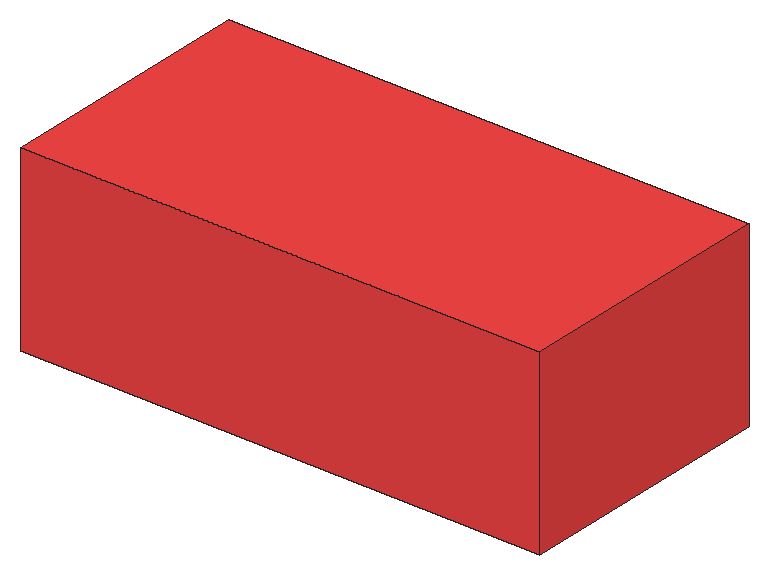
Revit family "Задание_Стена_Прямоугольник_БезОсновы", category Окна, Revit 2019
Family settings
  На основе рабочей плоскости = Нет
  Всегда вертикально = Да
  При загрузке вырезать с полостями = Да
  Общий = Нет
  Точка расчета площади = Нет
Parameters (values of type "Задание_Стена_Прямоугольное")
  Width = 0 mm  # constant formula
  Согласованно [instance] = not(Несогласованно)  # no
  Размер обозначения [instance] = if(Отверстие_Ширина > Отверстие_Высота, Отверстие_Ширина / 5, Отверстие_Высота / 5)  # 80 mm
  Rough Width = 0 mm  # constant formula
  Rough Height = 0 mm  # constant formula
  Позиция [instance] = ""
  Отверстие_Ширина [instance] = 400 mm
  Отверстие_Отметка этажа [instance] = 0 mm
  Отверстие_Отметка от этажа [instance] = 0 mm
  Отверстие_Отметка от нуля [instance] = (Отверстие_Отметка от этажа + Отверстие_Отметка этажа)  # 0 mm
  Отверстие_Дисциплина [instance] = ""
  Отверстие_Дата [instance] = ""
  Отверстие_Глубина [instance] = 200 mm
  Отверстие_Высота [instance] = 140 mm
  Отверстие = yes
  Несогласованно [instance] = yes
  Материал стены [instance] = ""
  Люк = not(Отверстие)  # no
  Коллизии [instance] = ""
  Инструкция [instance] = "https://docs.google.com/document/d/1dWthfLxqsksj-u4klXlJBslAAIWb7P7Y/edit"
  Группа модели = "Задание"  # constant formula
  Height = 0 mm  # constant formula
  Видимость_вверх [instance] = 2400 mm
  Аналитическая конструкция = "<Нет>"
  Y [instance] = 0
  X [instance] = 0
Reference planes
  plane 1 "По центру (Вперед/Назад)": y = -50
  plane 2: z = 0
  plane 3 "По центру (Влево/Вправо)": x = -50
  plane 4: y = 50
  plane 5: x = 150
  plane 6: x = -250
  plane 7: y = -150
  plane 8: z = 0
  plane 9 "Корректировка": z = 2400
Forms (mm)
  Extrusion 1, void
    sketch origin (0, 179.066, 0) x (0, 1, 0) y (-1, 0, 0)
      loop
        line (-129.066, 250) -> (-329.066, 250) -> (-329.066, -150) -> (-129.066, -150) -> (-129.066, 250)
    from 0 to 140 <- "Отверстие_Высота"
  Extrusion 2, solid, material "Согласованное_Отверстие", visible <- "Согласованно"
    sketch origin (-249.666, -150, 1200) x (-1, 0, 0) y (0, 0, -1)
      loop
        line (-399.666, 1060) -> (0.334, 1060) -> (0.334, 1200) -> (-399.666, 1200) -> (-399.666, 1060)
    from 0 to -200
  Extrusion 3, solid, material "Не Соглас_Отверстие", visible <- "Несогласованно"
    sketch origin (-249.666, -150, 1200) x (-1, 0, 0) y (0, 0, -1)
      loop
        line (-399.666, 1060) -> (0, 1060) -> (0, 1200) -> (-399.666, 1200) -> (-399.666, 1060)
    from 0 to -200
Lines and regions (mm)
  model lines, detail levels coarse
    curve 1: line (-50, -50, 0) -> (-50, -50, 2400)
  model lines
    curve 2: line (-250, -150, 140) -> (150, -150, 140)
    curve 3: line (-250, -150, 0) -> (-250, -150, 140)
    curve 4: line (150, -150, 0) -> (-250, -150, 0)
    curve 5: line (150, -150, 140) -> (150, -150, 0)
  model lines, style "InvisibleLines"
    curve 6: line (165.345, -28.125, 0) -> (199.095, 28.125, 0)
    curve 7: line (165.345, 28.125, 0) -> (199.095, -28.125, 0)
    curve 8: line (255.345, 0, 0) -> (199.095, 0, 0)
    curve 9: line (255.345, 0, 0) -> (240.512, -5.399, 0)
    curve 10: line (255.345, 0, 0) -> (240.512, 5.399, 0)
    curve 11: line (199.095, 0, 0) -> (213.928, -5.399, 0)
    curve 12: line (199.095, 0, 0) -> (213.928, 5.399, 0)
    curve 27: line (-250, -50, 0) -> (150, -50, 0)
    curve 28: line (-50, 50, 0) -> (-50, -150, 0)
    curve 29: line (-86, 94.938, 0) -> (-68, 124.938, 0)
    curve 30: line (-104, 124.938, 0) -> (-86, 94.938, 0)
    curve 31: line (-50, 124.938, 0) -> (-50, 64.938, 0)
    curve 32: line (-50, 124.938, 0) -> (-44.241, 109.116, 0)
    curve 33: line (-50, 124.938, 0) -> (-55.759, 109.116, 0)
    curve 34: line (-50, 64.938, 0) -> (-44.241, 80.76, 0)
    curve 35: line (-50, 64.938, 0) -> (-55.759, 80.76, 0)
    curve 36: line (-86, 94.938, 0) -> (-86, 64.938, 0)
    curve 54: line (170.095, -150, 170) -> (270.095, -150, 170)
    curve 55: line (270.095, -150, 170) -> (170.095, -150, 30)
    curve 56: line (170.095, -150, 30) -> (270.095, -150, 30)
    curve 57: line (351, -150, 170) -> (351, -150, 30)
    curve 58: line (351, -150, 170) -> (389.891, -150, 131.109)
    curve 59: line (351, -150, 170) -> (312.109, -150, 131.109)
    curve 60: line (351, -150, 30) -> (389.891, -150, 68.891)
    curve 61: line (351, -150, 30) -> (312.109, -150, 68.891)
  model lines, style "InvisibleLines", not visible
    curve 13: line (28.629, 15.438, 0) -> (43.629, 40.438, 0)
    curve 14: line (28.629, 40.438, 0) -> (43.629, 15.438, 0)
    curve 15: line (68.629, 27.938, 0) -> (43.629, 27.938, 0)
    curve 16: line (68.629, 27.938, 0) -> (62.036, 25.539, 0)
    curve 17: line (68.629, 27.938, 0) -> (62.036, 30.337, 0)
    curve 18: line (43.629, 27.938, 0) -> (50.221, 25.539, 0)
    curve 19: line (43.629, 27.938, 0) -> (50.221, 30.337, 0)
    curve 20: line (190.345, 15.562, 0) -> (224.095, 71.812, 0)
    curve 21: line (190.345, 71.812, 0) -> (224.095, 15.562, 0)
    curve 22: line (280.345, 43.687, 0) -> (224.095, 43.687, 0)
    curve 23: line (280.345, 43.687, 0) -> (265.512, 38.288, 0)
    curve 24: line (280.345, 43.687, 0) -> (265.512, 49.086, 0)
    curve 25: line (224.095, 43.687, 0) -> (238.928, 38.288, 0)
    curve 26: line (224.095, 43.687, 0) -> (238.928, 49.086, 0)
    curve 37: line (317.866, -74.537, 0) -> (325.366, -62.037, 0)
    curve 38: line (310.366, -62.037, 0) -> (317.866, -74.537, 0)
    curve 39: line (332.866, -62.037, 0) -> (332.866, -87.037, 0)
    curve 40: line (332.866, -62.037, 0) -> (335.266, -68.63, 0)
    curve 41: line (332.866, -62.037, 0) -> (330.467, -68.63, 0)
    curve 42: line (332.866, -87.037, 0) -> (335.266, -80.445, 0)
    curve 43: line (332.866, -87.037, 0) -> (330.467, -80.445, 0)
    curve 44: line (317.866, -74.537, 0) -> (317.866, -87.037, 0)
    curve 45: line (-79.309, 180.938, 0) -> (-61.309, 210.938, 0)
    curve 46: line (-97.309, 210.938, 0) -> (-79.309, 180.938, 0)
    curve 47: line (-43.309, 210.938, 0) -> (-43.309, 150.938, 0)
    curve 48: line (-43.309, 210.938, 0) -> (-37.55, 195.116, 0)
    curve 49: line (-43.309, 210.938, 0) -> (-49.068, 195.116, 0)
    curve 50: line (-43.309, 150.938, 0) -> (-37.55, 166.76, 0)
    curve 51: line (-43.309, 150.938, 0) -> (-49.068, 166.76, 0)
    curve 52: line (-79.309, 180.938, 0) -> (-79.309, 150.938, 0)
    curve 62: line (199.095, -150, 170) -> (299.095, -150, 170)
    curve 63: line (299.095, -150, 170) -> (199.095, -150, 30)
    curve 64: line (199.095, -150, 30) -> (299.095, -150, 30)
    curve 65: line (380, -150, 170) -> (380, -150, 30)
    curve 66: line (380, -150, 170) -> (418.891, -150, 131.109)
    curve 67: line (380, -150, 170) -> (341.109, -150, 131.109)
    curve 68: line (380, -150, 30) -> (418.891, -150, 68.891)
    curve 69: line (380, -150, 30) -> (341.109, -150, 68.891)
  model lines, visible <- "Люк"
    curve 53: line (150, -150, 0) -> (-236.37, -253.528, 0)
Dimensions and locks
  "Отверстие_Ширина": plane 6 to plane 5
  "Отверстие_Глубина": plane 7 to plane 4
  equal spacing: plane 6, plane 3 "По центру (Влево/Вправо)", plane 5
  equal spacing: plane 4, plane 1 "По центру (Вперед/Назад)", plane 7
  "Видимость_вверх": plane 9 "Корректировка" to level
  locked: plane 5 to curve 7 at 15.345
  locked: nested 1 to curve 35 at 14.938
  "Отверстие_Ширина": curve 53 to curve 53
  locked: curve 54 to Extrusion 2 at 20.095
  locked: curve 54 to Extrusion 2 at 30
  angle nested 1 to curve 53 = 15.00°
  aligned and locked: level to plane 2
  aligned and locked: Extrusion 1 sketch curve to plane 6
  aligned and locked: Extrusion 1 sketch curve to plane 5
  aligned and locked: nested 1 to plane 7
  aligned and locked: plane 6 to nested 1
  aligned and locked: nested 1 to plane 5
  aligned and locked: nested 1 to plane 4
  aligned and locked: curve 1 to plane 1 "По центру (Вперед/Назад)"
  aligned and locked: plane 9 "Корректировка" to curve 1
  aligned and locked: level to curve 1
  aligned and locked: plane 4 to Extrusion 2
  aligned and locked: plane 7 to Extrusion 1
  aligned and locked: plane 4 to Extrusion 1
  aligned and locked: curve 2 to Extrusion 1
  aligned and locked: curve 3 to Extrusion 1
  aligned and locked: curve 4 to Extrusion 1
  aligned and locked: curve 5 to Extrusion 1
  aligned and locked: plane 5 to Extrusion 2 sketch curve
  aligned and locked: Extrusion 2 sketch curve to level
  aligned and locked: plane 6 to Extrusion 2 sketch curve
  aligned and locked: Extrusion 2 sketch curve to Extrusion 1
  aligned and locked: Extrusion 1 to curve 28
  aligned and locked: curve 2 to curve 28
  aligned and locked: Extrusion 1 to curve 27  (x2)
  aligned and locked: nested 1 to curve 53
  aligned and locked: Extrusion 2 to plane 7
  aligned and locked: plane 4 to Extrusion 3
  aligned and locked: plane 5 to Extrusion 3
  aligned and locked: Extrusion 3 to plane 7
  aligned and locked: Extrusion 3 to Extrusion 1
Automatic sketch dimensions
  curve 1 to plane 1 "По центру (Вперед/Назад)" = 0 mm
  Extrusion 1 sketch curve to plane 7 = 0 mm
  Extrusion 1 sketch curve to plane 4 = 0 mm
  Extrusion 3 sketch curve to level = 0 mm
  plane 5 to Extrusion 3 sketch curve = 0 mm
  plane 6 to Extrusion 3 sketch curve = 0.334 mm
  Extrusion 3 sketch curve to level = 140 mm
  curve 28 to plane 3 "По центру (Влево/Вправо)" = 0 mm
  curve 53 to plane 5 = 0 mm
  plane 7 to curve 53 = 0 mm
  plane 1 "По центру (Вперед/Назад)" to curve 27 = 0 mm
  curve 53 to plane 6 = 13.63 mm
Nested families
  nested 1: "Заполнение (план)" at (-50, -150, 0), Красный <- "Несогласованно", type "Стандарт"
    with Черный no, Красный yes, Masking length 400 mm, Masking depth 200 mm
Definition of nested family "Заполнение (план)"
  Parameters (values of type "Красный")
    Черный [instance] = not(Красный)  # no
    Красный [instance] = yes
    Assembly Code = ""
    Masking length [instance] = 400 mm
    Masking depth [instance] = 300 mm
  Reference planes
    plane 1 "Break Line": y = 0
    plane 2: z = 0
    plane 3: x = -200
    plane 4: x = 200
    plane 5: y = 300
  Lines and regions (mm)
    Filled region 1, type "Черный", in view "Ground floor", visible <- "Черный"
      outline origin (0, 0, 0) x (1, 0, 0) y (0, 1, 0)
        loop
          line (-200, 0) -> (200, 0) -> (200, 300) -> (-200, 300) -> (-200, 0)
    Filled region 2, type "Красный", in view "Ground floor", visible <- "Красный"
      outline origin (0, 0, 0) x (1, 0, 0) y (0, 1, 0)
        loop
          line (-200, 0) -> (200, 0) -> (200, 300) -> (-200, 300) -> (-200, 0)
    detail lines, in view "Ground floor"
      curve 1: line (-200, 300, 0) -> (200, 0, 0)
      curve 2: line (-200, 0, 0) -> (200, 300, 0)
  Dimensions and locks
    "Masking depth": plane 1 "Break Line" to plane 5
    "Masking length": plane 3 to plane 4
    plane 3 to Filled region 2 = 400 mm
    aligned and locked: plane 3 to Filled region 1
    aligned and locked: plane 5 to Filled region 1 sketch curve
    aligned and locked: plane 1 "Break Line" to Filled region 1 sketch curve
    aligned and locked: plane 4 to Filled region 1 sketch curve
    aligned and locked: Filled region 1 sketch curve to plane 3
    aligned and locked: plane 5 to curve 1
    aligned and locked: plane 4 to curve 1
    aligned and locked: plane 3 to curve 2
    aligned and locked: plane 5 to curve 2
    aligned and locked: Filled region 2 to plane 4
    aligned and locked: Filled region 2 to plane 5
    aligned and locked: plane 3 to Filled region 2
    aligned and locked: plane 1 "Break Line" to Filled region 2
  Automatic sketch dimensions
    curve 1 to plane 3 = 0 mm
    curve 2 to plane 4 = 0 mm
    plane 1 "Break Line" to curve 1 = 0 mm
    plane 1 "Break Line" to curve 2 = 0 mm
    Filled region 2 sketch curve to plane 3 = 0 mm
    plane 4 to Filled region 2 sketch curve = 0 mm
    Filled region 2 sketch curve to plane 1 "Break Line" = 0 mm
    plane 5 to Filled region 2 sketch curve = 0 mm
